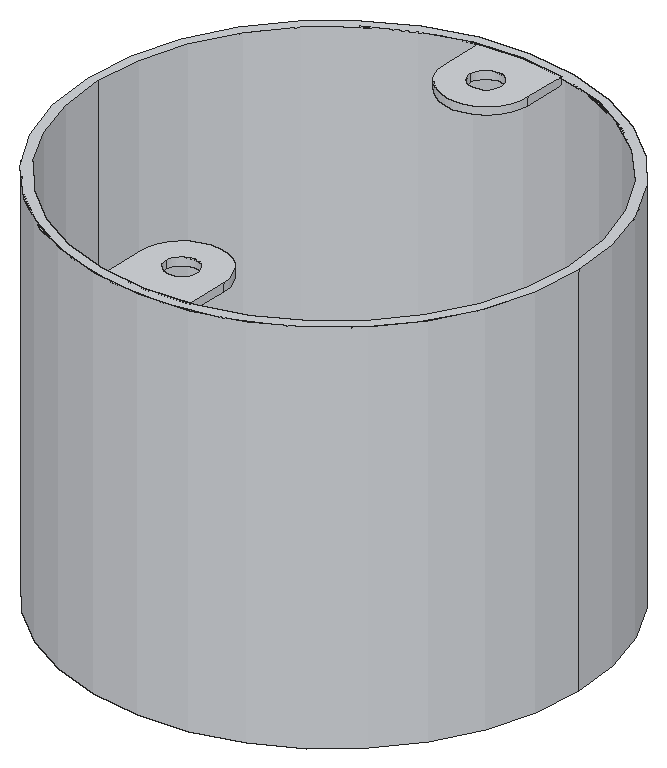
Revit family "SR50B", category Generic Models, Revit 2017
Family settings
  Can host rebar = No
  Round Connector Dimension = Use Diameter
  Part Type = Normal
  Work Plane-Based = Yes
  Always vertical = No
  Cut with Voids When Loaded = No
  Shared = No
  Room Calculation Point = No
Parameters (values of type "NBS Standard Parameters")
  Weight = "0.116Kg"
  WarrantyStartDate [instance] = "1900-12-31T23:59:59"
  WarrantyGuarantorParts = "n/a"
  WarrantyGuarantorLabor = "n/a"
  WarrantyDurationUnit = "1 year"
  WarrantyDurationParts = "n/a"
  WarrantyDurationLabor = "n/a"
  WarrantyDescription = "n/a"
  Version = "1"
  Uniclass2 = "Pr_65_70_11_20"
  TagNumber [instance] = "n/a"
  SustainabilityPerformance = "n/a"
  Size = "50mm"
  Shape = "Circular"
  SerialNumber [instance] = "n/a"
  Revision = "n/a"
  ReplacementCost = "n/a"
  ProductInformation = "www.metpro.co.uk/pdf/sr50g.pdf"
  NominalWidth = 65 mm
  NominalLength = 65 mm
  NominalHeight = 50 mm
  Name = ""
  NBSTypeID = ""
  NBSReference = "90-55-10/460"
  NBSOfficeMasterTag = ""
  NBSNote = ""
  NBSDescription = "Conduit Fittings"
  NBSCertification = ""
  ModelReference = "SR50B"
  ModelNumber = "n/a"
  Material = "steel"
  ManufacturerURL = "www.metpro.co.uk"
  ManufacturerName = "Metpro Ltd"
  InstallationDate [instance] = "1900-12-31T23:59:59"
  IfcExportType = ""
  IfcExportAs = ""
  Grade = "n/a"
  Finish = "Black"
  Features = "n/a"
  ExpectedLife = "n/a"
  DurationUnit = "year"
  Description = "SR50B - 50mm Extension Ring"
  Default Elevation = 1219.2 mm
  Constituents = "n/a"
  Color = "n/a"
  CodePerformance = "n/a"
  Category = "n/a"
  BarCode [instance] = "n/a"
  BIMObjectName = "Metpro_metprolibrary_conduitfittings_metalcomponent_steelaccessories"
  Author = "Metpro Ltd"
  AssetType = ""
  AssetIdentifier [instance] = "n/a"
  AccessibilityPerformance = "n/a"
Reference planes
  plane 1 "Center (Front/Back)": y = 0
  plane 2: z = 0
  plane 3 "Center (Left/Right)": x = 0
Forms (mm)
  Extrusion 1, solid
    sketch origin (0, 0, 0) x (1, 0, 0) y (0, 1, 0)
      loop
        circle (0, 0) r 32.5
      loop
        circle (0, 0) r 31.25
    from 0 to 50
  Extrusion 2, solid
    sketch origin (0, 0, 50) x (1, 0, 0) y (0, 1, 0)
      loop
        arc (5.546, -25.174) -> (0.046, -19.674) -> (-5.454, -25.174) r 5.5
        line (-5.454, -25.174) -> (-5.454, -30.77)
        arc (-5.454, -30.77) -> (0.047, -31.25) -> (5.546, -30.754) r 31.25
        line (5.546, -30.754) -> (5.546, -25.174)
      loop
        circle (0, -25.2) r 2.1
      loop
        line (5.546, 25.174) -> (5.546, 30.754)
        arc (5.546, 30.754) -> (0.047, 31.25) -> (-5.454, 30.77) r 31.25
        line (-5.454, 30.77) -> (-5.454, 25.174)
        arc (-5.454, 25.174) -> (0.046, 19.674) -> (5.546, 25.174) r 5.5
      loop
        circle (0, 25.2) r 2.1
    from 0 to -1
  Extrusion 3, solid
    sketch origin (0, 0, 0) x (0, 1, 0) y (1, 0, 0)
      loop
        line (5.546, 25.174) -> (5.546, 30.754)
        arc (5.546, 30.754) -> (0.047, 31.25) -> (-5.454, 30.77) r 31.25
        line (-5.454, 30.77) -> (-5.454, 25.174)
        arc (-5.454, 25.174) -> (0.046, 19.674) -> (5.546, 25.174) r 5.5
      loop
        circle (0, 25.2) r 2.1
      loop
        arc (5.546, -25.174) -> (0.046, -19.674) -> (-5.454, -25.174) r 5.5
        line (-5.454, -25.174) -> (-5.454, -30.77)
        arc (-5.454, -30.77) -> (0.047, -31.25) -> (5.546, -30.754) r 31.25
        line (5.546, -30.754) -> (5.546, -25.174)
      loop
        circle (0, -25.2) r 2.1
    from 0 to -1
Dimensions and locks
  aligned and locked: level to plane 2
